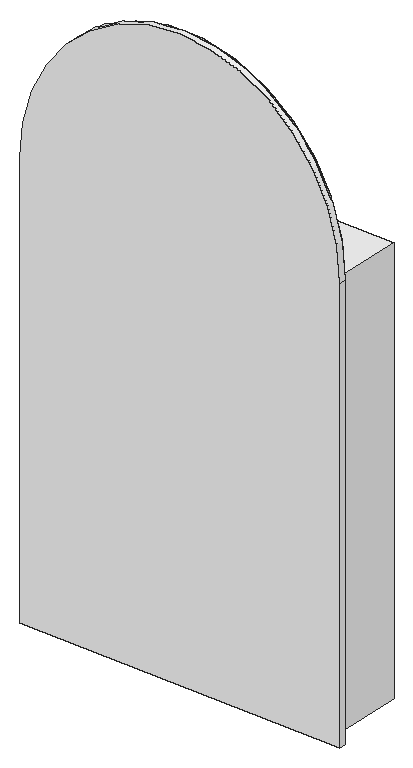
Revit family "Reece_Mirror_Kado_Neue_Mirror Cabinet_500 x 900 mm", category Casework, Revit 2018
Family settings
  Work Plane-Based = Yes
  Always vertical = Yes
  Cut with Voids When Loaded = Yes
  Shared = Yes
  Room Calculation Point = Yes
Parameters
  URL = "https://www.reece.com.au/product/-2351622"
  Type Comments = "Mirror"
  Reece_Product_Web Page = "https://www.reece.com.au/product/-2351622"
  Reece_Product_Type = "Mirror"
  Reece_Product_Sub Brand = "Neue"
  Reece_Product_Number = "2351622"
  Reece_Product_Mount = "Wall Mounted"
  Reece_Product_Finishes_Web Page = "https://digitalassets.reecegroup.com.au/m/803d5819bd3bd41/original/Material-and-Finishes-Kado-Shaving-Cabinets.pdf"
  Reece_Product_Description = "Kado Neue Arch Mirrored Shaving Cabinet 500x900mm"
  Reece_Product_Brand = "Kado"
  Reece_Overall_Width = 500 mm  # constant formula
  Reece_Overall_Height = 900 mm  # constant formula
  Reece_Overall_Depth = 120 mm  # constant formula
  Reece_Material_Secondary = Reece_Plastic_White
  Reece_Material_Main = Reece_Glass_Mirror
  Reece_Material_Cabinet = Reece_Solid_Surface_Matte_White
  Reece_Height_From_Level [instance] = 1000 mm
  Reece_GPO_Mirrored [instance] = no
  Reece_GPO_Horizontal_Offset [instance] = if(Reece_GPO_Mirrored, 444 mm - 176 mm, 176 mm)  # 176 mm
  Reece_Fixed_Shelf_Offset [instance] = if(Reece_Fixed_Shelf, 150 mm, 0 mm)  # 0 mm
  Reece_Fixed_Shelf [instance] = no
  Reece_Detail_Shape = ""
  Reece_Detail_Installation = ""
  Reece_Detail_Disclaimer = "THIS FILE IS THE PROPERTY OF THE REECE GROUP. IT MAY NOT BE REPRODUCED, REVERSE-ENGINEERED OR MODIFIED. ANY REPUBLICATION, TRANSMISSION OR DISTRIBUTION FOR THE PURPOSE OF COMMERCIALLY EXPLOITING THE FILES IS PROHIBITED."  # constant formula
  Reece_Detail_Connector = ""
  Reece_Detail_Additional = ""
  Model = "Neue"
  Manufacturer = "Kado"
  Keynote = "Product #2351622, Reece_Mirror_Kado_Neue_Mirror Cabinet_500 x 900 mm -  "
  Finish = "Please refer to Colour, Finish and Material Variations Document for more information."  # constant formula
  Disclaimer = "THIS FILE IS THE PROPERTY OF THE REECE GROUP. IT MAY NOT BE REPRODUCED, REVERSE-ENGINEERED OR MODIFIED. ANY REPUBLICATION, TRANSMISSION OR DISTRIBUTION FOR THE PURPOSE OF COMMERCIALLY EXPLOITING THE FILES IS PROHIBITED."  # constant formula
  Description = "Kado Neue Arch Mirrored Shaving Cabinet 500x900mm"
  Default Elevation = 0 mm
Types (2, lengths in mm): name | Keynote
  (no name) | "Product #2351622, Reece_Mirror_Kado_Neue_Mirror Cabinet_500 x 900 mm -  "
  500 mm x 900 mm x 120 mm_1 Door | "Product #2351622, Reece_Mirror_Kado_Neue_Mirror Cabinet_500 x 900 mm - 500 mm x 900 mm x 120 mm_1 Door"
Reference planes
  plane 1 "Center (Front/Back)": y = 0
  plane 2 "Bottom Cabinet Plane": z = 1012
  plane 3 "Center (Left/Right)": x = 0
  plane 4: x = -250
  plane 5 "Mirror Front Face": y = -120
  plane 6: x = 250
  plane 7 "Top Host Plane": z = 1912
  plane 8: y = -100
  plane 9: z = 1650
  plane 10 "Invisible Line RP": z = -5
  plane 11 "Bottom Host Plane": z = 0
  plane 12: z = 1634
  plane 13: x = 238
  plane 14: x = -238
  plane 15: x = -222
  plane 16: x = 222
  plane 17 "Mirror Backing": y = -110
  plane 18: z = 1012
  plane 19: z = 1000
  plane 20: z = 1028
  plane 21: y = -16
  plane 22: z = 1258
  plane 23: z = 1462
  plane 24: z = 1446
  plane 25: z = 1274
  plane 26: x = 222
  plane 27: z = 1176
  plane 28: x = -46
Forms (mm)
  Extrusion 1, solid, material "Reece_Glass_Mirror" <- "Reece_Material_Main"
    sketch origin (0, 0, 0) x (1, 0, 0) y (0, 0, 1)
      loop
        line (-250, 1650) -> (-250, 1000) -> (250, 1000) -> (250, 1650)
        spline (250, 1650) -> (241.481, 1717.811) -> (216.506, 1781) -> (176.777, 1835.262) -> (125, 1876.899) -> (64.705, 1903.073) -> (0, 1912) -> (-64.705, 1903.073) -> (-125, 1876.899) -> (-176.777, 1835.262) -> (-216.506, 1781) -> (-241.481, 1717.811) -> (-250, 1650)
    from 110 to 120
  Blend 2, solid, material "Reece_Solid_Surface_Matte_White" <- "Reece_Material_Cabinet"
    base sketch origin (0, 0, 0) x (1, 0, 0) y (0, 0, 1)
      loop
        spline (240, 1650) -> (231.792, 1715.333) -> (207.746, 1776.174) -> (169.541, 1828.358) -> (119.823, 1868.343) -> (62.001, 1893.444) -> (0, 1902.001) -> (-61.999, 1893.43) -> (-119.821, 1868.342) -> (-169.541, 1828.356) -> (-207.738, 1776.167) -> (-231.785, 1715.334) -> (-240, 1650)
        line (-240, 1650) -> (-240, 1010) -> (240, 1010) -> (240, 1650)
    top sketch origin (0, 0, 0) x (1, 0, 0) y (0, 0, 1)
      loop
        spline (250, 1650) -> (241.481, 1717.811) -> (216.506, 1781) -> (176.777, 1835.262) -> (125, 1876.899) -> (64.705, 1903.073) -> (0, 1912) -> (-64.705, 1903.073) -> (-125, 1876.899) -> (-176.777, 1835.262) -> (-216.506, 1781) -> (-241.481, 1717.811) -> (-250, 1650)
        line (-250, 1650) -> (-250, 1000) -> (250, 1000) -> (250, 1650)
    from 100 to 110
  Extrusion 3, solid, material "Reece_Solid_Surface_Matte_White" <- "Reece_Material_Cabinet"
    sketch origin (0, 0, 0) x (1, 0, 0) y (0, 0, 1)
      loop
        line (-238, 1650) -> (-238, 1012) -> (-222, 1012) -> (-222, 1650) -> (-238, 1650)
    from 0 to 100
  Extrusion 4, solid, material "Reece_Solid_Surface_Matte_White" <- "Reece_Material_Cabinet"
    sketch origin (0, 0, 0) x (1, 0, 0) y (0, 0, 1)
      loop
        line (222, 1650) -> (222, 1012) -> (238, 1012) -> (238, 1650) -> (222, 1650)
    from 0 to 100
  Extrusion 5, solid, material "Reece_Solid_Surface_Matte_White" <- "Reece_Material_Cabinet"
    sketch origin (0, 0, 0) x (1, 0, 0) y (0, 0, 1)
      loop
        line (-222, 1650) -> (-222, 1634) -> (222, 1634) -> (222, 1650) -> (-222, 1650)
    from 0 to 100
  Extrusion 6, solid, material "Reece_Solid_Surface_Matte_White" <- "Reece_Material_Cabinet"
    sketch origin (0, 0, 0) x (1, 0, 0) y (0, 0, 1)
      loop
        line (-222, 1028) -> (-222, 1012) -> (222, 1012) -> (222, 1028) -> (-222, 1028)
    from 0 to 100
  Extrusion 7, solid, material "Reece_Solid_Surface_Matte_White" <- "Reece_Material_Cabinet"
    sketch origin (0, 0, 0) x (1, 0, 0) y (0, 0, 1)
      loop
        line (-222, 1634) -> (-222, 1028) -> (222, 1028) -> (222, 1634) -> (-222, 1634)
    from 0 to 16
  Extrusion 8, solid, material "Reece_Solid_Surface_Matte_White" <- "Reece_Material_Cabinet"
    sketch origin (0, 0, 0) x (1, 0, 0) y (0, 0, 1)
      loop
        line (-222, 1462) -> (-222, 1446) -> (222, 1446) -> (222, 1462) -> (-222, 1462)
    from 16 to 100
  Extrusion 9, solid, material "Reece_Solid_Surface_Matte_White" <- "Reece_Material_Cabinet"
    sketch origin (0, 0, 0) x (1, 0, 0) y (0, 0, 1)
      loop
        line (-222, 1274) -> (-222, 1258) -> (222, 1258) -> (222, 1274) -> (-222, 1274)
    from 16 to 100
Cuts and joins
  joined: Extrusion 3, Extrusion 4, Extrusion 5, Extrusion 6
Lines and regions (mm)
  model lines, style "InvisibleLines"
    curve 1: line (0, 0, -5) -> (0, 0, 1012)
Text (mm)
  text "Reece ©" at (2750.254, -2396.412, 2870.147), in view "Reece Preview"
  text "Reece Copyright © 2018, Reece Ltd." at (-526.759, -443.435, 0), in view "Ref. Level"
Dimensions and locks
  "Reece_Overall_Height": plane 7 "Top Host Plane" to plane 2 "Bottom Cabinet Plane"
  "Reece_Overall_Width": plane 6 to plane 4
  "Reece_Overall_Depth": plane 1 "Center (Front/Back)" to plane 5 "Mirror Front Face"
  locked: plane 1 "Center (Front/Back)" to plane 8 at 100
  locked: plane 7 "Top Host Plane" to plane 9 at 262
  level to plane 10 "Invisible Line RP" = 5 mm
  equal spacing: plane 6, plane 3 "Center (Left/Right)", plane 4
  locked: plane 9 to plane 12 at 16
  locked: plane 13 to plane 6 at 12
  locked: plane 14 to plane 4 at 12
  locked: plane 15 to plane 14 at 16
  locked: plane 16 to plane 13 at 16
  locked: plane 17 "Mirror Backing" to plane 5 "Mirror Front Face" at 10
  locked: plane 9 to plane 18 at 638
  locked: plane 18 to plane 19 at 12
  locked: plane 19 to plane 11 "Bottom Host Plane" at 1000
  locked: plane 20 to plane 18 at 16
  locked: plane 1 "Center (Front/Back)" to plane 21 at 16
  plane 16 to plane 15 = 444 mm
  locked: plane 23 to plane 24 at 16
  plane 22 to plane 20 = 230 mm
  plane 25 to plane 22 = 16 mm
  locked: plane 24 to plane 25 at 172
  "Reece_Fixed_Shelf_Offset": plane 26 to plane 16
  locked: plane 27 to plane 20 at 148
  "Reece_GPO_Horizontal_Offset": plane 15 to plane 28
  aligned and locked: plane 2 "Bottom Cabinet Plane" to curve 1
  aligned and locked: plane 10 "Invisible Line RP" to curve 1
  aligned and locked: plane 3 "Center (Left/Right)" to curve 1
  aligned and locked: plane 4 to Extrusion 1 sketch curve  (x2)
  aligned and locked: plane 7 "Top Host Plane" to Extrusion 1 sketch curve
  aligned and locked: plane 6 to Extrusion 1 sketch curve
  aligned and locked: Blend 2 to plane 17 "Mirror Backing"
  aligned and locked: plane 8 to Blend 2
  aligned and locked: Extrusion 1 to plane 19
  aligned and locked: Blend 2 sketch curve to plane 19
  aligned and locked: Extrusion 4 sketch curve to plane 16
  aligned and locked: plane 18 to Extrusion 4 sketch curve
  aligned and locked: plane 13 to Extrusion 4 sketch curve
  aligned and locked: plane 16 to Extrusion 5 sketch curve
  aligned and locked: Extrusion 5 sketch curve to plane 9
  aligned and locked: plane 15 to Extrusion 5 sketch curve
  aligned and locked: plane 12 to Extrusion 5 sketch curve
  aligned and locked: plane 16 to Extrusion 6 sketch curve
  aligned and locked: Extrusion 6 sketch curve to plane 20
  aligned and locked: plane 15 to Extrusion 6 sketch curve
  aligned and locked: plane 18 to Extrusion 6 sketch curve
  aligned and locked: Extrusion 3 to plane 8
  aligned and locked: Extrusion 3 to plane 1 "Center (Front/Back)"
  aligned and locked: Extrusion 4 to plane 8
  aligned and locked: Extrusion 5 to plane 8
  aligned and locked: Extrusion 6 to plane 8
  aligned and locked: Extrusion 4 to plane 1 "Center (Front/Back)"
  aligned and locked: plane 1 "Center (Front/Back)" to Extrusion 3  (x5)
  aligned and locked: plane 16 to Extrusion 7 sketch curve
  aligned and locked: Extrusion 7 sketch curve to plane 12
  aligned and locked: plane 15 to Extrusion 7 sketch curve
  aligned and locked: plane 20 to Extrusion 7 sketch curve
  aligned and locked: plane 21 to Extrusion 7
  aligned and locked: Extrusion 7 to plane 1 "Center (Front/Back)"
  aligned and locked: plane 24 to Extrusion 8 sketch curve
  aligned and locked: Extrusion 8 sketch curve to plane 23
  aligned and locked: plane 16 to Extrusion 8 sketch curve
  aligned and locked: plane 15 to Extrusion 8 sketch curve
  aligned and locked: Extrusion 3 to plane 18
  aligned and locked: plane 15 to Extrusion 9 sketch curve
  aligned and locked: Extrusion 9 sketch curve to plane 25
  aligned and locked: plane 26 to Extrusion 9 sketch curve
  aligned and locked: Extrusion 8 to plane 8
  aligned and locked: Extrusion 9 to plane 8
  aligned and locked: Extrusion 8 to plane 21
  aligned and locked: Extrusion 9 to plane 21
  aligned and locked: nested 1 to plane 28
  aligned and locked: nested 1 to plane 27
Automatic sketch dimensions
  plane 9 to Extrusion 1 sketch curve = 0 mm
  Blend 2 sketch curve to plane 9 = 0 mm  (x2)
  Blend 2 sketch curve to plane 4 = 0 mm
  Blend 2 sketch curve to plane 3 "Center (Left/Right)" = 0 mm
  Extrusion 1 sketch curve to plane 2 "Bottom Cabinet Plane" = 12 mm
  curve 1 to plane 2 "Bottom Cabinet Plane" = 0 mm
  curve 1 to plane 3 "Center (Left/Right)" = 0 mm
  plane 6 to Blend 2 sketch curve = 10 mm
  plane 4 to Blend 2 sketch curve = 10 mm
  plane 19 to Blend 2 sketch curve = 10 mm
  Extrusion 3 sketch curve to plane 15 = 16 mm
  Extrusion 3 sketch curve to Extrusion 3 sketch curve = 16 mm
  plane 19 to Extrusion 3 sketch curve = 12 mm
  plane 12 to Extrusion 3 sketch curve = 16 mm
  plane 9 to Extrusion 4 sketch curve = 0 mm
  Extrusion 9 sketch curve to plane 22 = 0 mm
Nested families
  nested 1: "Reece_Mirror Cabinet_GPO_Nested" at (-46, -16, 1176) x (1, 0, 0) z (0, -1, 0), type "Reece_Mirror Cabinet_GPO_Nested"
Definition of nested family "Reece_Mirror Cabinet_GPO_Nested"
  Parameters (values of type "Reece_Mirror Cabinet_GPO_Nested")
    Waste Connection = no
    WFU = 0  # constant formula
    Vent Connection = no
    Reece_Product_Web Page = ""
    Reece_Product_Type = ""
    Reece_Product_Sub Brand = ""
    Reece_Product_Number = ""
    Reece_Product_Mount = ""
    Reece_Product_Description = ""
    Reece_Product_Brand = ""
    Reece_Overall_Width = 120 mm
    Reece_Overall_Height = 77 mm
    Reece_Overall_Depth = 7 mm
    Reece_Material_Main = none
    Reece_GPO_Depth = 5 mm
    Reece_Detail_Shape = ""
    Reece_Detail_Additional = ""
    HWFU = 0  # constant formula
    HW Connection = no
    Default Elevation = 0 mm
    CWFU = 0  # constant formula
    CW Connection = no
  Reference planes
    plane 1 "Center (Front/Back)": y = 0
    plane 2 "Bottom": z = 0
    plane 3 "Center (Left/Right)": x = 0
    plane 4 "Top": z = 5
    plane 5: x = -60
    plane 6: x = 60
    plane 7: y = 38.5
    plane 8: y = -38.5
    plane 9: x = -30
    plane 10: x = 30
    plane 11: y = 16.987
    plane 12: z = 7
  Forms (mm)
    Extrusion 1, solid
      sketch origin (619.2, -619.2, 0) x (1, 0, 0) y (0, 1, 0)
        loop
          line (-809.2, 779.2) -> (-809.2, 461.779) -> (-428.415, 461.779) -> (-428.415, 779.2) -> (-809.2, 779.2)
      from 0 to -9.564
    Extrusion 2, solid, material <- "Reece_Material_Main"
      sketch origin (0, 0, 0) x (1, 0, 0) y (0, 1, 0)
        loop
          arc (-55, 38.5) -> (-58.536, 37.036) -> (-60, 33.5) r 5
          line (-60, 33.5) -> (-60, -33.5)
          arc (-60, -33.5) -> (-58.536, -37.036) -> (-55, -38.5) r 5
          line (-55, -38.5) -> (55, -38.5)
          arc (55, -38.5) -> (58.536, -37.036) -> (60, -33.5) r 5
          line (60, -33.5) -> (60, 33.5)
          arc (60, 33.5) -> (58.536, 37.036) -> (55, 38.5) r 5
          line (55, 38.5) -> (-55, 38.5)
      from 0 to 5
    Extrusion 3, solid, material <- "Reece_Material_Main"
      sketch origin (0, 0, 0) x (1, 0, 0) y (0, 1, 0)
        loop
          arc (-35.5, 24.487) -> (-36.914, 23.901) -> (-37.5, 22.487) r 2
          line (-37.5, 22.487) -> (-37.5, 11.487)
          arc (-37.5, 11.487) -> (-36.914, 10.073) -> (-35.5, 9.487) r 2
          line (-35.5, 9.487) -> (-24.5, 9.487)
          arc (-24.5, 9.487) -> (-23.086, 10.073) -> (-22.5, 11.487) r 2
          line (-22.5, 11.487) -> (-22.5, 22.487)
          arc (-22.5, 22.487) -> (-23.086, 23.901) -> (-24.5, 24.487) r 2
          line (-24.5, 24.487) -> (-35.5, 24.487)
        loop
          arc (24.5, 24.487) -> (23.086, 23.901) -> (22.5, 22.487) r 2
          line (22.5, 22.487) -> (22.5, 11.487)
          arc (22.5, 11.487) -> (23.086, 10.073) -> (24.5, 9.487) r 2
          line (24.5, 9.487) -> (35.5, 9.487)
          arc (35.5, 9.487) -> (36.914, 10.073) -> (37.5, 11.487) r 2
          line (37.5, 11.487) -> (37.5, 22.487)
          arc (37.5, 22.487) -> (36.914, 23.901) -> (35.5, 24.487) r 2
          line (35.5, 24.487) -> (24.5, 24.487)
      from 5 to 7
    Extrusion 4, void
      sketch origin (0, 0, 0) x (1, 0, 0) y (0, 1, 0)
        loop
          line (-31, -16.472) -> (-31, -24.472) -> (-29, -24.472) -> (-29, -16.472) -> (-31, -16.472)
        loop
          line (-33.557, -5.789) -> (-38.7, -11.918) -> (-37.168, -13.203) -> (-32.025, -7.075) -> (-33.557, -5.789)
        loop
          line (-26.443, -5.789) -> (-27.975, -7.075) -> (-22.832, -13.203) -> (-21.3, -11.918) -> (-26.443, -5.789)
        loop
          line (29, -16.472) -> (29, -24.472) -> (31, -24.472) -> (31, -16.472) -> (29, -16.472)
        loop
          line (26.443, -5.789) -> (21.3, -11.918) -> (22.832, -13.203) -> (27.975, -7.075) -> (26.443, -5.789)
        loop
          line (33.557, -5.789) -> (32.025, -7.075) -> (37.168, -13.203) -> (38.7, -11.918) -> (33.557, -5.789)
      from 0 to 5
  Cuts and joins
    Extrusion 4 cuts Extrusion 2
  Text (mm)
    text "Reece Copyright © 2018, Reece Ltd." at (-1403.988, -1192.393, 0), in view "Ref. Level"
    text "Reece ©" at (44.384, 258.95, 192.345), in view "Reece Preview"
  Dimensions and locks
    "Reece_Overall_Width": plane 5 to plane 6
    equal spacing: plane 5, plane 3 "Center (Left/Right)", plane 6
    "Reece_Overall_Height": plane 7 to plane 8
    equal spacing: plane 7, plane 1 "Center (Front/Back)", plane 8
    plane 5 to plane 9 to plane 3 "Center (Left/Right)" to plane 10 to plane 6 = 30 mm, 30 mm, 30 mm, 30 mm
    Extrusion 3 sketch curve to Extrusion 3 sketch curve = 15 mm
    "Reece_GPO_Depth": plane 4 "Top" to plane 2 "Bottom"
    "Reece_Overall_Depth": plane 12 to plane 2 "Bottom"
    aligned and locked: plane 2 "Bottom" to Extrusion 1
    aligned and locked: level to Extrusion 1
    aligned and locked: Extrusion 2 sketch curve to plane 6
    aligned and locked: plane 8 to Extrusion 2 sketch curve
    aligned and locked: plane 5 to Extrusion 2 sketch curve
    aligned and locked: Extrusion 2 sketch curve to plane 7
    aligned and locked: plane 4 "Top" to Extrusion 2
    aligned and locked: plane 12 to Extrusion 3
    aligned and locked: Extrusion 3 to plane 4 "Top"
    aligned and locked: Extrusion 2 to plane 4 "Top"
    aligned and locked: Extrusion 2 to plane 2 "Bottom"
    aligned and locked: plane 4 "Top" to Extrusion 4
  Automatic sketch dimensions
    Extrusion 1 sketch curve to Extrusion 1 sketch curve = 380.785 mm
    Extrusion 1 sketch curve to Extrusion 1 sketch curve = 317.421 mm
    plane 5 to Extrusion 2 sketch curve = 5 mm  (x2)
    Extrusion 2 sketch curve to plane 6 = 5 mm  (x2)
    Extrusion 3 sketch curve to plane 9 = 7.5 mm
    Extrusion 3 sketch curve to Extrusion 3 sketch curve = 2 mm  (x7)
    Extrusion 3 sketch curve to plane 10 = 7.5 mm
    plane 10 to Extrusion 3 sketch curve = 5.5 mm  (x2)
    Extrusion 3 sketch curve to plane 11 = 7.5 mm  (x2)
    plane 11 to Extrusion 3 sketch curve = 5.5 mm  (x2)
    Extrusion 4 sketch curve to plane 9 = 8.7 mm
    Extrusion 4 sketch curve to Extrusion 4 sketch curve = 1.532 mm  (x4)
    Extrusion 4 sketch curve to plane 9 = 3.557 mm
    Extrusion 4 sketch curve to plane 9 = 1 mm
    plane 9 to Extrusion 4 sketch curve = 1 mm
    plane 9 to Extrusion 4 sketch curve = 2.025 mm
    Extrusion 4 sketch curve to Extrusion 4 sketch curve = 6.168 mm  (x2)
    Extrusion 4 sketch curve to plane 10 = 8.7 mm
    Extrusion 4 sketch curve to plane 10 = 3.557 mm
    Extrusion 4 sketch curve to plane 10 = 1 mm
    plane 10 to Extrusion 4 sketch curve = 1 mm
    plane 10 to Extrusion 4 sketch curve = 2.025 mm
    plane 8 to Extrusion 4 sketch curve = 14.028 mm  (x2)
    Extrusion 4 sketch curve to Extrusion 4 sketch curve = 8 mm  (x2)
    Extrusion 4 sketch curve to Extrusion 4 sketch curve = 3.268 mm  (x4)
    Extrusion 4 sketch curve to Extrusion 4 sketch curve = 1.286 mm  (x4)
